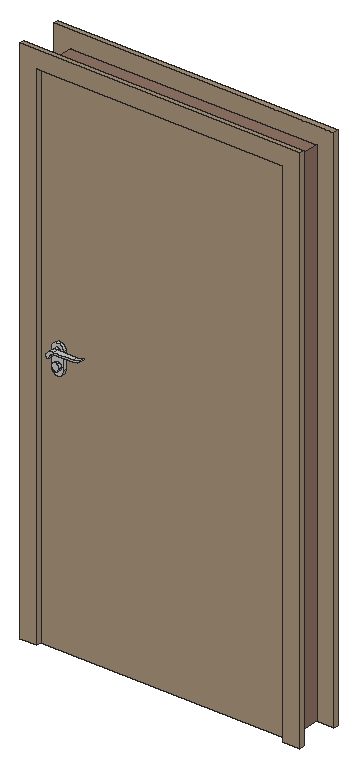
Revit family "Abrir - 1 Folha_Básica", category Portas, Revit 2015
Parameters (values of type "100x210")
  Tipo de construção = "residêncial"
  Máscara da folha visível [instance] = no
  Moldura da porta = Tábua de fibra orientada
  Maçaneta da porta = Painel de metal
  Marco = Amendoeira
  Largura bruta = Largura + (Espessura do Marco * 2)  # 107 cm
  Função = Interior
  Projeção da moldura externa = 2 cm
  Projeção da moldura interna = 2 cm
  Largura da moldura = 7 cm
  Folha da porta = Tábua de fibra orientada
  Espessura do Marco = 3.5 cm
  Espessura = 4 cm
  Autor = "Marco Rocha"
  Altura bruta = Altura + Espessura do Marco  # 213.5 cm
  Altura = 210 cm
  Fechamento da parede = Por hospedeiro
  Largura = 100 cm
Types (6, lengths in cm): name | Largura bruta | Espessura | Largura
  (no name) | 107 | 4 | 100
  60x210 | 67 | 3.5 | 60
  70x210 | 77 | 3.5 | 70
  80x210 | 87 | 3.5 | 80
  90x210 | 97 | 3.5 | 90
  100x210 | 107 | 4 | 100
Reference planes (cm)
  plane 1: y = 0
  plane 2 "Centro (Esquerda/Direita)": x = 0
  plane 3 "Esquerda": x = -50
  plane 4 "Direita": x = 50
  plane 5: z = 210
  plane 6 "Exterior": y = 7.5
  plane 7 "Interior": y = -7.5
  plane 8: x = -53.5
  plane 9: x = 53.5
  plane 10: z = 213.5
  plane 11: y = -3.5
  plane 12: x = 49
  plane 13: x = 46
  plane 14: y = -107.5
  plane 15: y = -100
  plane 16: y = -80
  plane 17: y = -100
Forms (cm)
  Extrusion 1, solid, material "Tábua de fibra orientada" <- "Folha da porta"
    sketch origin (0, 0, 0) x (1, 0, 0) y (0, 1, 0)
      loop
        line (-50, -3.5) -> (-50, -7.5) -> (50, -7.5) -> (50, -3.5) -> (-50, -3.5)
    from 0 to 210
  Sweep 2, solid, material "Amendoeira" <- "Marco", detail levels medium+fine
    path in 3D
      loop
        line (50, 7.5, 0) -> (50, 7.5, 210) -> (-50, 7.5, 210) -> (-50, 7.5, 0)
    profile origin (50, 7.5, 105) x (0, 1, 0) y (-1, 0, 0)
      loop
        line (0, 0) -> (0, 1) -> (-11, 1) -> (-11, 0) -> (0, 0)
  Extrusion 3, solid, material "Tábua de fibra orientada" <- "Moldura da porta", detail levels medium+fine
    sketch origin (0, 7.5, 0) x (1, 0, 0) y (0, 0, 1)
      loop
        line (50, 210) -> (50, 0) -> (57, 0) -> (57, 217) -> (-57, 217) -> (-57, 0) -> (-50, 0) -> (-50, 210) -> (50, 210)
    from -2 to 0
  Extrusion 4, solid, material "Tábua de fibra orientada" <- "Moldura da porta", detail levels medium+fine
    sketch origin (0, -7.5, 0) x (1, 0, 0) y (0, 0, -1)
      loop
        line (50, -210) -> (-50, -210) -> (-50, 0) -> (-57, 0) -> (-57, -217) -> (57, -217) -> (57, 0) -> (50, 0) -> (50, -210)
    from -2 to 0
Lines and regions (cm)
  Opening 1
    outline origin (-305, -7.5, 0) x (1, 0, 0) y (0, 0, 1)
      loop
        line (255, 0) -> (355, 0) -> (355, 210) -> (255, 210) -> (255, 0)
  Masking region 1, detail levels medium
    outline origin (0, 0, 0) x (1, 0, 0) y (0, 1, 0)
      loop
        line (-53.5, 7.5) -> (-53.5, -7.5) -> (-50, -7.5) -> (-50, 7.5) -> (-53.5, 7.5)
      loop
        line (53.5, 7.5) -> (50, 7.5) -> (50, -7.5) -> (53.5, -7.5) -> (53.5, 7.5)
  Masking region 2, detail levels medium
    outline origin (0, 0, 0) x (0, 1, 0) y (0, 0, 1)
      loop
        line (7.5, 213.5) -> (-7.5, 213.5) -> (-7.5, 210) -> (7.5, 210) -> (7.5, 213.5)
  Masking region 3, detail levels fine
    outline origin (0, 0, 0) x (0, 1, 0) y (0, 0, 1)
      loop
        line (7.5, 213.5) -> (-7.5, 213.5) -> (-7.5, 210) -> (-3.5, 210) -> (-3.5, 209) -> (7.5, 209) -> (7.5, 213.5)
  Masking region 4, visible <- "Máscara da folha visível"
    outline origin (0, 0, 0) x (1, 0, 0) y (0, 1, 0)
      loop
        line (46, -7.5) -> (46, -107.5) -> (50, -107.5) -> (50, -7.5) -> (46, -7.5)
  Masking region 5, visible <- "Máscara da folha visível", detail levels fine
    outline origin (5, -20, 0) x (0, -1, 0) y (1, 0, 0)
      loop
        line (82.5, 45) -> (82.5, 46) -> (81.5, 46) -> (81.5, 47) -> (80.8, 47) -> (80.8, 51) -> (67, 51) -> (67, 49) -> (79.2, 49) -> (79.2, 47) -> (78.5, 47) -> (78.5, 46) -> (77.5, 46) -> (77.5, 45) -> (82.5, 45)
  Masking region 6, visible <- "Máscara da folha visível", not visible, detail levels fine
    outline origin (0, 0, 0) x (0, -1, 0) y (1, 0, 0)
      loop
        line (82.5, 45) -> (82.5, 46) -> (81.5, 46) -> (81.5, 47) -> (80.8, 47) -> (80.8, 51) -> (67, 51) -> (67, 49) -> (79.2, 49) -> (79.2, 47) -> (78.5, 47) -> (78.5, 46) -> (77.5, 46) -> (77.5, 45) -> (82.5, 45)
  Masking region 7, visible <- "Máscara da folha visível", detail levels fine
    outline origin (91, -20, 0) x (0, 1, 0) y (-1, 0, 0)
      loop
        line (-82.5, 45) -> (-77.5, 45) -> (-77.5, 46) -> (-78.5, 46) -> (-78.5, 47) -> (-79.2, 47) -> (-79.2, 49) -> (-67, 49) -> (-67, 51) -> (-80.8, 51) -> (-80.8, 47) -> (-81.5, 47) -> (-81.5, 46) -> (-82.5, 46) -> (-82.5, 45)
  symbolic lines, style "Giro da elevação"
    curve 1: line (50, -7.5, 105) -> (-50, -7.5, 210)
    curve 2: line (50, -7.5, 105) -> (-50, -7.5, 0)
  symbolic lines, style "Doors"
    curve 3: line (46, -7.5, 0) -> (46, -107.5, 0)
    curve 4: line (50, -107.5, 0) -> (50, -7.5, 0)
    curve 5: line (46, -107.5, 0) -> (50, -107.5, 0)
    curve 6: line (50, -7.5, 0) -> (46, -7.5, 0)
  symbolic lines, style "Giro da planta"
    curve 7: arc (50, -107.5, 0) -> (-20.7107, -78.2107, 0) -> (-50, -7.5, 0) r 100
  sketch lines
    curve 8: line (50, 7.5, 0) -> (50, 7.5, 210)
    curve 9: line (50, 7.5, 210) -> (-50, 7.5, 210)
    curve 10: line (-50, 7.5, 210) -> (-50, 7.5, 0)
  symbolic lines, style "Puxador", detail levels fine
    curve 11: line (50, -102.5, 0) -> (50, -97.5, 0)
    curve 12: line (50, -97.5, 0) -> (51, -97.5, 0)
    curve 13: line (51, -97.5, 0) -> (51, -102.5, 0)
    curve 14: line (51, -102.5, 0) -> (50, -102.5, 0)
    curve 15: line (51, -98.5, 0) -> (52, -98.5, 0)
    curve 16: line (52, -98.5, 0) -> (52, -101.5, 0)
    curve 17: line (52, -101.5, 0) -> (51, -101.5, 0)
    curve 18: line (52, -100.8, 0) -> (56, -100.8, 0)
    curve 19: line (56, -100.8, 0) -> (56, -87, 0)
    curve 20: line (56, -87, 0) -> (54, -87, 0)
    curve 21: line (54, -87, 0) -> (54, -99.2, 0)
    curve 22: line (54, -99.2, 0) -> (52, -99.2, 0)
    curve 35: line (46, -102.5, 0) -> (46, -97.5, 0)
    curve 36: line (46, -97.5, 0) -> (45, -97.5, 0)
    curve 37: line (45, -97.5, 0) -> (45, -102.5, 0)
    curve 38: line (45, -102.5, 0) -> (46, -102.5, 0)
    curve 39: line (45, -98.5, 0) -> (44, -98.5, 0)
    curve 40: line (44, -98.5, 0) -> (44, -101.5, 0)
    curve 41: line (44, -101.5, 0) -> (45, -101.5, 0)
    curve 42: line (44, -100.8, 0) -> (40, -100.8, 0)
    curve 43: line (40, -100.8, 0) -> (40, -87, 0)
    curve 44: line (40, -87, 0) -> (42, -87, 0)
    curve 45: line (42, -87, 0) -> (42, -99.2, 0)
    curve 46: line (42, -99.2, 0) -> (44, -99.2, 0)
  symbolic lines, style "Puxador", not visible, detail levels fine
    curve 23: line (45, -82.5, 0) -> (45, -77.5, 0)
    curve 24: line (45, -77.5, 0) -> (46, -77.5, 0)
    curve 25: line (46, -77.5, 0) -> (46, -82.5, 0)
    curve 26: line (46, -82.5, 0) -> (45, -82.5, 0)
    curve 27: line (46, -78.5, 0) -> (47, -78.5, 0)
    curve 28: line (47, -78.5, 0) -> (47, -81.5, 0)
    curve 29: line (47, -81.5, 0) -> (46, -81.5, 0)
    curve 30: line (47, -80.8, 0) -> (51, -80.8, 0)
    curve 31: line (51, -80.8, 0) -> (51, -67, 0)
    curve 32: line (51, -67, 0) -> (49, -67, 0)
    curve 33: line (49, -67, 0) -> (49, -79.2, 0)
    curve 34: line (49, -79.2, 0) -> (47, -79.2, 0)
Text (cm)
  text "Exterior" at (-229.5016, 109.9543, 0), in view "Nível de referência"
  text "Exterior" at (0, 161.538, 369.8081), in view "Esquerda"
  text "Exterior" at (0, 103.6032, 387.4932), in view "Direita"
Dimensions and locks (cm)
  equal spacing: plane 3 "Esquerda", plane 2 "Centro (Esquerda/Direita)", plane 4 "Direita"
  "Largura": plane 3 "Esquerda" to plane 4 "Direita"
  "Altura": plane 5 to host wall
  equal spacing: host wall, curve 2, plane 5
  host wall to plane 10 = 213.5 cm
  locked: plane 6 "Exterior" to host wall at 0
  locked: plane 7 "Interior" to host wall
  "Espessura do Marco": plane 8 to plane 3 "Esquerda"
  "Espessura do Marco": plane 4 "Direita" to plane 9
  "Espessura do Marco": plane 10 to plane 5
  "Espessura": plane 7 "Interior" to plane 11
  locked: plane 12 to plane 4 "Direita" at 1
  "Espessura": plane 13 to plane 4 "Direita"
  "Largura": plane 14 to plane 7 "Interior"
  "Largura da moldura": Extrusion 3 sketch curve to Extrusion 3 sketch curve  (x3)
  "Projeção da moldura externa": plane 6 "Exterior" to Extrusion 3
  "Largura da moldura": Extrusion 4 sketch curve to Extrusion 4 sketch curve  (x3)
  "Projeção da moldura interna": Extrusion 4 to plane 7 "Interior"
  locked: plane 3 "Esquerda" to nested 1 at 7.5
  locked: plane 15 to plane 14 at 7.5
  locked: plane 17 to plane 14 at 7.5
  aligned and locked: plane 3 "Esquerda" to Opening 1 sketch curve
  aligned and locked: plane 5 to Opening 1 sketch curve  (x2)
  aligned and locked: Opening 1 sketch curve to plane 4 "Direita"
  aligned and locked: Opening 1 sketch curve to level
  aligned and locked: plane 5 to curve 1
  aligned and locked: plane 3 "Esquerda" to curve 2
  aligned and locked: plane 1 to host wall
  aligned and locked: plane 3 "Esquerda" to curve 1
  aligned and locked: plane 6 "Exterior" to Masking region 1 sketch curve
  aligned and locked: Masking region 1 sketch curve to plane 8
  aligned and locked: Masking region 1 sketch curve to plane 7 "Interior"
  aligned and locked: Masking region 1 sketch curve to host wall
  aligned and locked: plane 4 "Direita" to Masking region 1 sketch curve
  aligned and locked: Masking region 1 sketch curve to plane 6 "Exterior"
  aligned and locked: plane 7 "Interior" to Masking region 1 sketch curve
  aligned and locked: Masking region 1 sketch curve to plane 9
  aligned and locked: plane 10 to Masking region 2 sketch curve
  aligned and locked: Masking region 2 sketch curve to plane 5
  aligned and locked: plane 6 "Exterior" to Masking region 2 sketch curve
  aligned and locked: Masking region 2 sketch curve to plane 7 "Interior"
  aligned and locked: Masking region 3 sketch curve to plane 6 "Exterior"
  aligned and locked: plane 11 to Masking region 3 sketch curve
  aligned and locked: Masking region 3 sketch curve to plane 5
  aligned and locked: Masking region 3 sketch curve to plane 10
  aligned and locked: Masking region 3 sketch curve to plane 7 "Interior"
  aligned and locked: curve 3 to plane 13
  aligned and locked: curve 4 to plane 4 "Direita"
  aligned and locked: curve 5 to plane 14
  aligned and locked: curve 6 to plane 7 "Interior"
  aligned and locked: curve 7 to host wall
  aligned and locked: Masking region 4 sketch curve to curve 6
  aligned and locked: Masking region 4 sketch curve to curve 3
  aligned and locked: Masking region 4 sketch curve to curve 5
  aligned and locked: Masking region 4 sketch curve to curve 4
  aligned and locked: Extrusion 1 sketch curve to plane 3 "Esquerda"
  aligned and locked: plane 4 "Direita" to Extrusion 1 sketch curve
  aligned and locked: Extrusion 1 sketch curve to plane 11
  aligned and locked: Extrusion 1 sketch curve to plane 7 "Interior"
  aligned and locked: Extrusion 1 to plane 5
  aligned and locked: profile plane to Sweep 2 sketch curve
  aligned and locked: Sweep 2 sketch curve to plane 6 "Exterior"
  aligned and locked: Sweep 2 sketch curve to plane 12
  aligned and locked: Sweep 2 sketch curve to plane 11
  aligned and locked: plane 4 "Direita" to Extrusion 3 sketch curve
  aligned and locked: plane 5 to Extrusion 3 sketch curve
  aligned and locked: plane 3 "Esquerda" to Extrusion 3 sketch curve
  aligned and locked: Extrusion 3 sketch curve to level
  aligned and locked: level to Extrusion 3 sketch curve
  aligned and locked: Extrusion 3 to host wall
  aligned and locked: Extrusion 4 to plane 7 "Interior"
  aligned and locked: nested 1 to plane 7 "Interior"
  aligned and locked: curve 11 to plane 4 "Direita"
  aligned and locked: plane 13 to curve 35
Automatic sketch dimensions
  Masking region 5 sketch curve to Masking region 5 sketch curve = 1 cm  (x6)
  Masking region 5 sketch curve to Masking region 5 sketch curve = 2 cm
  Masking region 5 sketch curve to Masking region 5 sketch curve = 0.7 cm  (x2)
  Masking region 5 sketch curve to Masking region 5 sketch curve = 1.6 cm
  Masking region 5 sketch curve to Masking region 5 sketch curve = 10.5 cm
  plane 15 to Masking region 5 sketch curve = 2.5 cm
  Masking region 5 sketch curve to Masking region 5 sketch curve = 3 cm
  Masking region 6 sketch curve to Masking region 6 sketch curve = 1 cm  (x6)
  Masking region 6 sketch curve to Masking region 6 sketch curve = 2 cm
  Masking region 6 sketch curve to Masking region 6 sketch curve = 0.7 cm  (x2)
  Masking region 6 sketch curve to Masking region 6 sketch curve = 1.6 cm
  Masking region 6 sketch curve to Masking region 6 sketch curve = 10.5 cm
  plane 16 to Masking region 6 sketch curve = 2.5 cm
  Masking region 6 sketch curve to Masking region 6 sketch curve = 3 cm
  Masking region 7 sketch curve to Masking region 7 sketch curve = 1 cm  (x6)
  Masking region 7 sketch curve to Masking region 7 sketch curve = 2 cm
  Masking region 7 sketch curve to Masking region 7 sketch curve = 0.7 cm  (x2)
  Masking region 7 sketch curve to Masking region 7 sketch curve = 1.6 cm
  Masking region 7 sketch curve to Masking region 7 sketch curve = 10.5 cm
  Masking region 7 sketch curve to plane 17 = 2.5 cm
  Masking region 7 sketch curve to Masking region 7 sketch curve = 3 cm
  curve 2 to level = 0 cm
  plane 4 "Direita" to curve 2 = 0 cm
  plane 5 to Masking region 3 sketch curve = 1 cm
  Extrusion 4 sketch curve to level = 0 cm  (x2)
  plane 3 "Esquerda" to Extrusion 4 sketch curve = 0 cm
  plane 4 "Direita" to Extrusion 4 sketch curve = 0 cm
  Extrusion 4 sketch curve to plane 5 = 0 cm
Nested families (cm)
  nested 1: "Maçaneta da porta 2" at (-42.5, -5.5, 110), type "Maçaneta da porta 2", detail levels fine
    with Espessura do painel 4 cm
Definition of nested family "Maçaneta da porta 2"
  Parameters (values of type "Maçaneta da porta 2")
    Espessura do painel = 5 cm
    Material do puxador = none
    Function = (empty or 0)
  Reference planes (cm)
    plane 1 "Centro (Frente/Trás)": y = 0
    plane 2: z = 0
    plane 3 "Centro (Esquerda/Direita)": x = 0
    plane 4: y = 2.5
    plane 5: y = -2.5
    plane 6: z = -14.7114
    plane 7: y = 6.5
    plane 8: z = -6
    plane 9: y = -6.5
    plane 10: z = -6
  Forms (cm)
    Extrusion 1, solid, material <- "Material do puxador"
      sketch origin (0, -2.5, 0) x (-1, 0, 0) y (0, 0, -1)
        loop
          line (2.5, 0) -> (2.5, 7)
          arc (2.5, 7) -> (0, 9.5) -> (-2.5, 7) r 2.5
          line (-2.5, 7) -> (-2.5, 0)
          arc (-2.5, 0) -> (0, -2.5) -> (2.5, 0) r 2.5
      from 0 to 1
    Extrusion 2, solid, material <- "Material do puxador"
      sketch origin (0, 2.5, 0) x (-1, 0, 0) y (0, 0, -1)
        loop
          line (2.5, 0) -> (2.5, 7)
          arc (2.5, 7) -> (0, 9.5) -> (-2.5, 7) r 2.5
          line (-2.5, 7) -> (-2.5, 0)
          arc (-2.5, 0) -> (0, -2.5) -> (2.5, 0) r 2.5
      from 0 to -1
    Extrusion 3, solid, material <- "Material do puxador"
      sketch origin (0, -2.5, 0) x (-1, 0, 0) y (0, 0, -1)
        loop
          circle (0, 0) r 0.8
      from 1 to 4
    Extrusion 4, solid, material <- "Material do puxador"
      sketch origin (0, 2, 0) x (-1, 0, 0) y (0, 0, 1)
        loop
          circle (0, 0) r 0.8
      from 1.5 to 4.5
    Extrusion 5, solid, material <- "Material do puxador"
      sketch origin (0, -6.5, 0) x (1, 0, 0) y (0, 0, 1)
        loop
          arc (-0.6508, 0.4652) -> (-0.2443, -0.7618) -> (0.8, 0) r 0.8
          arc (0.8, 0) -> (1.4532, 0.9391) -> (2.5386, 1.3) r 1.8126
          line (2.5386, 1.3) -> (10.1644, 1.3)
          arc (10.1644, 1.3) -> (11.641, 1.5798) -> (13, 2.2214) r 5.9379
          line (13, 2.2214) -> (13, 2.5)
          arc (13, 2.5) -> (11.604, 2.1265) -> (10.1644, 2) r 8.3285
          line (10.1644, 2) -> (2.5367, 2)
          arc (2.5367, 2) -> (0.7493, 1.6348) -> (-0.6508, 0.4652) r 3.7283
      from 0 to 2
    Extrusion 6, solid, material <- "Material do puxador"
      sketch origin (0, 6.5, 0) x (1, 0, 0) y (0, 0, -1)
        loop
          arc (0.8, 0) -> (-0.2443, 0.7618) -> (-0.6508, -0.4652) r 0.8
          arc (-0.6508, -0.4652) -> (0.7493, -1.6348) -> (2.5367, -2) r 3.7283
          line (2.5367, -2) -> (10.1644, -2)
          arc (10.1644, -2) -> (11.604, -2.1265) -> (13, -2.5) r 8.3285
          line (13, -2.5) -> (13, -2.2214)
          arc (13, -2.2214) -> (11.641, -1.5798) -> (10.1644, -1.3) r 5.9379
          line (10.1644, -1.3) -> (2.5386, -1.3)
          arc (2.5386, -1.3) -> (1.4532, -0.9391) -> (0.8, 0) r 1.8126
      from 0 to 2
    Extrusion 7, solid, material <- "Material do puxador"
      sketch origin (0, -3.5, 1) x (-1, 0, 0) y (0, 0, -1)
        loop
          circle (0, 7) r 1.5
      from 0 to 1
    Extrusion 8, solid, material <- "Material do puxador"
      sketch origin (0, 3.5, 0) x (-1, 0, 0) y (0, 0, 1)
        loop
          circle (0, -6) r 1.5
      from 0 to 1
  Dimensions and locks (cm)
    equal spacing: plane 5, plane 1 "Centro (Frente/Trás)", plane 4
    "Espessura do painel": plane 5 to plane 4
    locked: plane 4 to plane 7 at 4
    locked: plane 9 to plane 5 at 4
    locked: Extrusion 6 to plane 7 at 2
    locked: plane 9 to Extrusion 5 at 2
    locked: plane 2 to plane 10 at 6
    aligned and locked: Extrusion 3 to Extrusion 1
    aligned and locked: Extrusion 4 to Extrusion 2
    aligned and locked: plane 7 to Extrusion 6
    aligned and locked: Extrusion 4 to plane 7
    aligned and locked: plane 9 to Extrusion 5
  Automatic sketch dimensions
    Extrusion 3 sketch curve to level = 0 cm
    Extrusion 3 sketch curve to plane 3 "Centro (Esquerda/Direita)" = 0 cm
    Extrusion 4 sketch curve to level = 0 cm
    Extrusion 4 sketch curve to plane 3 "Centro (Esquerda/Direita)" = 0 cm
    Extrusion 5 sketch curve to level = 0 cm  (x2)
    Extrusion 5 sketch curve to plane 3 "Centro (Esquerda/Direita)" = 0 cm
    Extrusion 5 sketch curve to plane 3 "Centro (Esquerda/Direita)" = 0.6508 cm
    plane 3 "Centro (Esquerda/Direita)" to Extrusion 5 sketch curve = 0.8 cm
    Extrusion 5 sketch curve to level = 1.7244 cm
    Extrusion 5 sketch curve to Extrusion 5 sketch curve = 1.5668 cm
    level to Extrusion 5 sketch curve = 2 cm
    Extrusion 5 sketch curve to Extrusion 5 sketch curve = 0.0019 cm
    Extrusion 5 sketch curve to Extrusion 5 sketch curve = 2.8356 cm
    Extrusion 5 sketch curve to Extrusion 5 sketch curve = 0 cm
    Extrusion 5 sketch curve to level = 0.5126 cm
    level to Extrusion 5 sketch curve = 2.2214 cm
    Extrusion 5 sketch curve to Extrusion 5 sketch curve = 0.2786 cm
    Extrusion 5 sketch curve to Extrusion 5 sketch curve = 7.2693 cm
    Extrusion 5 sketch curve to Extrusion 5 sketch curve = 0.3517 cm
    Extrusion 5 sketch curve to Extrusion 5 sketch curve = 0.3583 cm
    Extrusion 6 sketch curve to level = 0 cm
    Extrusion 6 sketch curve to plane 3 "Centro (Esquerda/Direita)" = 0 cm
    level to Extrusion 6 sketch curve = 0.4652 cm
    Extrusion 6 sketch curve to plane 3 "Centro (Esquerda/Direita)" = 0.6508 cm
    Extrusion 6 sketch curve to level = 1.7244 cm
    Extrusion 6 sketch curve to Extrusion 6 sketch curve = 1.5668 cm
    Extrusion 6 sketch curve to Extrusion 6 sketch curve = 0.0019 cm
    Extrusion 6 sketch curve to level = 0.5126 cm
    Extrusion 6 sketch curve to Extrusion 6 sketch curve = 0.1719 cm
    Extrusion 6 sketch curve to Extrusion 6 sketch curve = 7.2693 cm
    Extrusion 6 sketch curve to Extrusion 6 sketch curve = 0.3517 cm
    Extrusion 6 sketch curve to Extrusion 6 sketch curve = 0.3583 cm
    Extrusion 6 sketch curve to Extrusion 6 sketch curve = 0 cm
    level to Extrusion 6 sketch curve = 2.2214 cm
    Extrusion 6 sketch curve to Extrusion 6 sketch curve = 2.8356 cm
    Extrusion 6 sketch curve to Extrusion 6 sketch curve = 0.2786 cm
    Extrusion 1 sketch curve to plane 3 "Centro (Esquerda/Direita)" = 0 cm
    Extrusion 1 sketch curve to level = 0 cm
    Extrusion 1 sketch curve to plane 3 "Centro (Esquerda/Direita)" = 2.5 cm
    level to Extrusion 1 sketch curve = 7 cm
    Extrusion 2 sketch curve to level = 0 cm
    Extrusion 2 sketch curve to plane 3 "Centro (Esquerda/Direita)" = 0 cm
    Extrusion 2 sketch curve to plane 3 "Centro (Esquerda/Direita)" = 2.5 cm
    level to Extrusion 2 sketch curve = 7 cm
    Extrusion 7 sketch curve to plane 3 "Centro (Esquerda/Direita)" = 0 cm
    level to Extrusion 7 sketch curve = 6 cm
    Extrusion 8 sketch curve to plane 3 "Centro (Esquerda/Direita)" = 0 cm
    Extrusion 8 sketch curve to plane 8 = 0 cm
    radius of Extrusion 3 sketch curve = 0.8 cm
    radius of Extrusion 4 sketch curve = 0.8 cm
    radius of Extrusion 7 sketch curve = 1.5 cm
    radius of Extrusion 8 sketch curve = 1.5 cm
